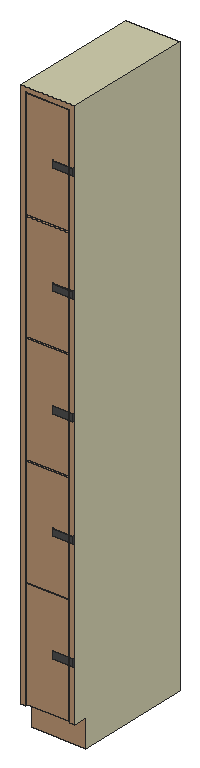
Revit family "Cabinet_Wenger_UltraStor_20", category Furniture, Revit 2015
Parameters (values of type "Narrow UltraStor Cabinet #20 - Comp Wood Doors")
  URL = "https://www.wengercorp.com/"
  Type Comments = ""
  Specification = "http://www.arcat.com/sdspecs/htm04/12_35_83wen.htm"
  Shelf Thickness = 0' - 1 1/8"
  Sales Information = "https://www.wengercorp.com/contact-us.php"
  Revision = "R1_2018-04"
  Rear Panel Thickness = 0' - 0 3/4"
  Product Data = "http://www.arcat.com/arcatcos/cos36/arc36487.html"
  Manufacturer Website = "https://www.wengercorp.com/"
  Manufacturer Phone - Toll Free = "800-4WENGER"
  Manufacturer Phone = "(507) 455-4100"
  Manufacturer Fax = "(507) 455-4258"
  Manufacturer Address = "555 Park Dr., Owatonna, MN 55060"
  Keynote = "12 35 83"
  HasDoors = yes
  Green Building-LEED = "http://www.arcat.com/green/clients/leed_data_36487.html"
  Drawn By = "Sumex Design, Inc. / Robert S. Weygant, CSI, CDT, SCIP"
  Door Width = (Cabinet Width - 0' 1 1/2")  # 0' - 6 1/2"
  Door Style = Door_Base : Solid Door
  Door Material [instance] = Wenger Cherry (Use Cherry Edge Band Only)
  Toe Kick Material [instance] = Wenger Cherry (Use Cherry Edge Band Only)
  RH End Panel [instance] = no
  Model = "#20N"
  Manufacturer = "Wenger Corporation"
  LH End Panel [instance] = no
  End Panel Material [instance] = Wenger Cherry (Use Cherry Edge Band Only)
  Edge Banding Material [instance] = Wenger Cherry (Use Cherry Edge Band Only)
  Door Height = (Cabinet Height - 0' 4 3/4") / 5  # 1' - 4.175"
  Cost = 0
  Copyright = "© 2018 Arcat Inc."
  Construction Details = "http://www.arcat.com/details/wengerco/wengerco.html?coid=36487"
  Body Material [instance] = Wenger - Oyster
  Description = "Wenger Narrow Cabinet #20 - Comp Wood Doors"
  Cabinet Width = 0' - 8"
  Cabinet Height = 7' - 1 5/8"
  Installed Depth = 1' - 7 1/4"
  Cabinet Panel Thickness = 0' - 0 3/4"
  Assembly Code = "E2010200"
Types (14): name | Rear Panel Thickness | HasDoors | Door Width | Door Style | Door Material | Model | Description | Cabinet Width | Installed Depth
  Acoustic Cabinet #20 - No Doors | 0' - 3 1/4" | no | 0' - 8 1/2" | Door_Base : Solid Door | none | "#20A" | "Wenger Acoustic Cabinet #20 - No Doors" | 0' - 10" | 1' - 9 3/4"
  Narrow Acoustic Cabinet #20 - No Doors | 0' - 3 1/4" | no | 0' - 6 1/2" | Door_Base : Solid Door | none | "#20NA" | "Wenger Narrow Acoustic Cabinet #20 - No Doors" | 0' - 8" | 1' - 9 3/4"
  Narrow Acoustic Cabinet #20 - Comp Waterfall Grille Doors | 0' - 3 1/4" | yes | 0' - 6 1/2" | Door_Base : Waterfall | Painted Black | "#20NA" | "Wenger Narrow Acoustic Cabinet #20 - Comp Waterfall Grille Doors" | 0' - 8" | 1' - 9 3/4"
  Narrow Acoustic Cabinet #20 - Comp Grille Doors | 0' - 3 1/4" | yes | 0' - 6 1/2" | Door_Base : Bars | Painted Black | "#20NA" | "Wenger Narrow Acoustic Cabinet #20 - Comp Grille Doors" | 0' - 8" | 1' - 9 3/4"
  Acoustic Cabinet #20 - Comp Waterfall Grille Doors | 0' - 3 1/4" | yes | 0' - 8 1/2" | Door_Base : Waterfall | Painted Black | "#20A" | "Wenger Acoustic Cabinet #20 - Comp Waterfall Grille Doors" | 0' - 10" | 1' - 9 3/4"
  Acoustic Cabinet #20 - Comp Grille Doors | 0' - 3 1/4" | yes | 0' - 8 1/2" | Door_Base : Bars | Painted Black | "#20A" | "Wenger Acoustic Cabinet #20 - Comp Grille Doors" | 0' - 10" | 1' - 9 3/4"
  UltraStor Cabinet #20 - Comp Grille Doors | 0' - 0 3/4" | yes | 0' - 8 1/2" | Door_Base : Bars | Painted Black | "#20" | "Wenger UltraStor Cabinet #20 - Comp Grille Doors" | 0' - 10" | 1' - 7 1/4"
  Narrow UltraStor Cabinet #20 - Comp Waterfall Grille Doors | 0' - 0 3/4" | yes | 0' - 6 1/2" | Door_Base : Waterfall | Painted Black | "#20N" | "Wenger Narrow Cabinet #20 - Comp Waterfall Grille Doors" | 0' - 8" | 1' - 7 1/4"
  Narrow UltraStor Cabinet #20 - Comp Grille Doors | 0' - 0 3/4" | yes | 0' - 6 1/2" | Door_Base : Bars | Painted Black | "#20N" | "Wenger Narrow Cabinet #20 - Comp Grille Doors" | 0' - 8" | 1' - 7 1/4"
  UltraStor Cabinet #20 - Comp Waterfall Grille Doors | 0' - 0 3/4" | yes | 0' - 8 1/2" | Door_Base : Waterfall | Painted Black | "#20" | "Wenger UltraStor Cabinet #20 - Comp Waterfall Grille Doors" | 0' - 10" | 1' - 7 1/4"
  UltraStor Cabinet #20 - No Doors | 0' - 0 3/4" | no | 0' - 8 1/2" | Door_Base : Solid Door | none | "#20" | "Wenger UltraStor Cabinet #20 - No Doors" | 0' - 10" | 1' - 7 1/4"
  Narrow UltraStor Cabinet #20 - Comp Wood Doors | 0' - 0 3/4" | yes | 0' - 6 1/2" | Door_Base : Solid Door | Wenger Cherry (Use Cherry Edge Band Only) | "#20N" | "Wenger Narrow Cabinet #20 - Comp Wood Doors" | 0' - 8" | 1' - 7 1/4"
  Narrow UltraStor Cabinet #20 - No Doors | 0' - 0 3/4" | no | 0' - 6 1/2" | Door_Base : Solid Door | none | "#20N" | "Wenger Narrow Cabinet #20 - No Doors" | 0' - 8" | 1' - 7 1/4"
  UltraStor Cabinet #20 - Comp Wood Doors | 0' - 0 3/4" | yes | 0' - 8 1/2" | Door_Base : Solid Door | Wenger Cherry (Use Cherry Edge Band Only) | "#20" | "Wenger UltraStor Cabinet #20 - Comp Wood Doors" | 0' - 10" | 1' - 7 1/4"
Reference planes (in)
  plane 1 "Front": y = 0
  plane 2: z = 0
  plane 3 "Left": x = 0
  plane 4 "Right": x = 8
  plane 5 "Back": y = 19.25
  plane 6 "Top": z = 85.625
  plane 7: z = 4
  plane 8: z = 20.175
  plane 9: z = 36.35
  plane 10: z = 52.525
  plane 11: z = 68.7
  plane 12: x = 0.75
  plane 13: x = 7.25
  plane 14: z = 84.875
  plane 15: x = 4
  plane 16: y = 18.5
  plane 17: y = 2
  plane 18: y = 0.75
  plane 19: z = 21.3
  plane 20: z = 37.475
  plane 21: z = 53.65
  plane 22: z = 69.825
  plane 23: z = 5.125
Forms (in)
  Extrusion 1, solid, material "Wenger - Oyster" <- "Body Material"
    sketch origin (0, 0, 0) x (0, 1, 0) y (0, 0, 1)
      loop
        line (0, 85.625) -> (0, 4) -> (2, 4) -> (2, 0) -> (19.25, 0) -> (19.25, 85.625) -> (0, 85.625)
    from 0 to 8
  Extrusion 2, void
    sketch origin (0, 0, 0) x (0, 1, 0) y (0, 0, 1)
      loop
        line (-5.5, 84.875) -> (-5.5, 4) -> (0.75, 4)
        arc (0.75, 4) -> (1.15915, 4.80234) -> (2, 5.125) r 1.25694
        line (2, 5.125) -> (18.5, 5.125) -> (18.5, 20.175) -> (0.75, 20.175)
        arc (0.75, 20.175) -> (1.18296, 20.95088) -> (2, 21.3) r 1.375
        line (2, 21.3) -> (18.5, 21.3) -> (18.5, 36.35) -> (0.75, 36.35)
        arc (0.75, 36.35) -> (1.18296, 37.12588) -> (2, 37.475) r 1.375
        line (2, 37.475) -> (18.5, 37.475) -> (18.5, 52.525) -> (0.75, 52.525)
        arc (0.75, 52.525) -> (1.18296, 53.30088) -> (2, 53.65) r 1.375
        line (2, 53.65) -> (18.5, 53.65) -> (18.5, 68.7) -> (0.75, 68.7)
        arc (0.75, 68.7) -> (1.18296, 69.47588) -> (2, 69.825) r 1.375
        line (2, 69.825) -> (18.5, 69.825) -> (18.5, 84.875) -> (-5.5, 84.875)
    from 0.75 to 7.25
  Extrusion 3, void
    sketch origin (0, 0, 0) x (0, 1, 0) y (0, 0, 1)
      loop
        line (0, 84.875) -> (0, 4) -> (0.0625, 4) -> (0.0625, 84.875) -> (0, 84.875)
    from 0.75 to 7.25
Cuts and joins
  Extrusion 2, Extrusion 3 cuts Extrusion 1
Lines and regions (in)
  Masking region 1
    outline origin (0, 0, 0) x (1, 0, 0) y (0, 1, 0)
      loop
        line (0, 19.25) -> (0, 0) -> (8, 0) -> (8, 19.25) -> (0, 19.25)
Dimensions and locks (in)
  "Cabinet Panel Thickness": plane 3 "Left" to plane 12
  "Cabinet Panel Thickness": plane 13 to plane 4 "Right"
  "Cabinet Panel Thickness": plane 5 "Back" to plane 16
  locked: plane 1 "Front" to plane 18 at 0.75
  locked: plane 1 "Front" to plane 17 at 2
  "Shelf Thickness": plane 19 to plane 8
  "Shelf Thickness": plane 20 to plane 9
  "Shelf Thickness": plane 21 to plane 10
  "Shelf Thickness": plane 22 to plane 11
  "Cabinet Panel Thickness": plane 6 "Top" to plane 14
  equal spacing: plane 14, plane 11, plane 10, plane 9, plane 8, plane 7
  "Shelf Thickness": plane 23 to plane 7
  "Cabinet Width": plane 3 "Left" to plane 4 "Right"
  locked: plane 7 to level at 4
  "Cabinet Height": plane 6 "Top" to level
  "Installed Depth": plane 1 "Front" to plane 5 "Back"
  plane 3 "Left" to plane 4 "Right" = 0' - 8"
  equal spacing: plane 5 "Back", nested 2, plane 1 "Front"
  equal spacing: plane 12, plane 15, plane 13
  aligned and locked: Extrusion 1 sketch curve to plane 6 "Top"
  aligned and locked: Extrusion 1 sketch curve to plane 5 "Back"
  aligned and locked: Extrusion 1 sketch curve to plane 1 "Front"
  aligned and locked: Extrusion 1 sketch curve to plane 7
  aligned and locked: Extrusion 1 sketch curve to plane 17
  aligned and locked: Extrusion 1 sketch curve to level
  aligned and locked: Extrusion 1 to plane 4 "Right"
  aligned and locked: Extrusion 1 to plane 3 "Left"
  aligned and locked: Extrusion 2 sketch curve to plane 14
  aligned and locked: Extrusion 2 sketch curve to plane 16
  aligned and locked: Extrusion 2 sketch curve to plane 11
  aligned and locked: Extrusion 2 sketch curve to plane 21
  aligned and locked: Extrusion 2 sketch curve to plane 10
  aligned and locked: Extrusion 2 sketch curve to plane 20
  aligned and locked: Extrusion 2 sketch curve to plane 9
  aligned and locked: Extrusion 2 sketch curve to plane 19
  aligned and locked: Extrusion 2 sketch curve to plane 8
  aligned and locked: Extrusion 2 sketch curve to plane 23
  aligned and locked: Extrusion 2 sketch curve to plane 22
  aligned and locked: Extrusion 2 to plane 12
  aligned and locked: Extrusion 3 sketch curve to cut or joined group of Extrusion 1, Extrusion 2, Extrusion 3  (x3)
  aligned and locked: Extrusion 3 to plane 13
  aligned and locked: Extrusion 3 to plane 12
  aligned and locked: nested 3 to plane 12
  aligned and locked: nested 3 to plane 11
  aligned and locked: plane 14 to nested 3
  aligned and locked: plane 11 to cut or joined group of Extrusion 1, Extrusion 2, Extrusion 3
  aligned and locked: plane 11 to nested 4
  aligned and locked: nested 4 to plane 10
  aligned and locked: plane 10 to nested 5
  aligned and locked: nested 5 to plane 9
  aligned and locked: plane 9 to nested 6
  aligned and locked: nested 6 to plane 8
  aligned and locked: plane 8 to nested 7
  aligned and locked: nested 4 to plane 12
  aligned and locked: nested 5 to plane 12
  aligned and locked: nested 6 to plane 12
  aligned and locked: nested 7 to plane 12
  aligned and locked: plane 7 to cut or joined group of Extrusion 1, Extrusion 2, Extrusion 3
  aligned and locked: nested 7 to plane 7
  aligned and locked: plane 18 to Extrusion 2 sketch curve
  aligned and locked: plane 1 "Front" to nested 8
  aligned and locked: nested 8 to level
  aligned and locked: nested 8 to plane 4 "Right"
  aligned and locked: Masking region 1 sketch curve to plane 5 "Back"
  aligned and locked: Masking region 1 sketch curve to plane 1 "Front"
  aligned and locked: plane 3 "Left" to Masking region 1 sketch curve
  aligned and locked: plane 4 "Right" to Masking region 1 sketch curve
  aligned and locked: cut or joined group of Extrusion 1, Extrusion 2, Extrusion 3 to plane 13
  aligned and locked: plane 15 to nested 2
Automatic sketch dimensions
  plane 18 to Extrusion 3 sketch curve = 0' - 0 11/16"
  Extrusion 2 sketch curve to plane 7 = 0' - 0"
  Extrusion 2 sketch curve to plane 18 = 0' - 0"  (x4)
  Extrusion 2 sketch curve to plane 17 = 0' - 0"  (x5)
  Extrusion 2 sketch curve to plane 16 = 0' - 0"  (x4)
  plane 1 "Front" to Extrusion 2 sketch curve = 0' - 5 1/2"
  Extrusion 2 sketch curve to plane 17 = 0' - 0.10279"  (x4)
Nested families (in)
  nested 1: "End Panel" at (0, 4.25, 0) x (0, -1, 0) z (0, 0, 1), End Panel Material <- "End Panel Material", visible <- "LH End Panel", Edge Banding Material <- "Edge Banding Material", type "End Panel"
    with End Panel Material Wenger Cherry (Use Cherry Edge Band Only), Edge Banding Material Wenger Cherry (Use Cherry Edge Band Only), End Panel Depth 1' - 7 1/4"
  nested 2: "Labels" at (4, 9.625, 0), type "Labels"
  nested 3: "Door_Base" at (4, 0, 68.7) x (1, 0, 0) z (0, -1, 0), type <- "Door Style", Height <- "Door Height", Width <- "Door Width", visible <- "HasDoors", type "Solid Door", detail levels medium+fine
    with vBars 5, Width 0' - 6 1/2", ToeKick Height 0' - 4", MidBar no, Height 1' - 4.175", BarHt 1' - 3.675", 2HzBars no
  nested 4: "Door_Base" at (4, 0, 52.525) x (1, 0, 0) z (0, -1, 0), type <- "Door Style", Height <- "Door Height", Width <- "Door Width", visible <- "HasDoors", type "Solid Door", detail levels medium+fine
    with vBars 5, Width 0' - 6 1/2", ToeKick Height 0' - 4", MidBar no, Height 1' - 4.175", BarHt 1' - 3.675", 2HzBars no
  nested 5: "Door_Base" at (4, 0, 36.35) x (1, 0, 0) z (0, -1, 0), type <- "Door Style", Height <- "Door Height", Width <- "Door Width", visible <- "HasDoors", type "Solid Door", detail levels medium+fine
    with vBars 5, Width 0' - 6 1/2", ToeKick Height 0' - 4", MidBar no, Height 1' - 4.175", BarHt 1' - 3.675", 2HzBars no
  nested 6: "Door_Base" at (4, 0, 20.175) x (1, 0, 0) z (0, -1, 0), type <- "Door Style", Height <- "Door Height", Width <- "Door Width", visible <- "HasDoors", type "Solid Door", detail levels medium+fine
    with vBars 5, Width 0' - 6 1/2", ToeKick Height 0' - 4", MidBar no, Height 1' - 4.175", BarHt 1' - 3.675", 2HzBars no
  nested 7: "Door_Base" at (4, 0, 4) x (1, 0, 0) z (0, -1, 0), type <- "Door Style", Height <- "Door Height", Width <- "Door Width", visible <- "HasDoors", type "Solid Door", detail levels medium+fine
    with vBars 5, Width 0' - 6 1/2", ToeKick Height 0' - 4", MidBar no, Height 1' - 4.175", BarHt 1' - 3.675", 2HzBars no
  nested 8: "End Panel" at (8.75, 4.25, 0) x (0, -1, 0) z (0, 0, 1), End Panel Material <- "End Panel Material", Edge Banding Material <- "Edge Banding Material", visible <- "RH End Panel", type "End Panel"
    with End Panel Material Wenger Cherry (Use Cherry Edge Band Only), Edge Banding Material Wenger Cherry (Use Cherry Edge Band Only), End Panel Depth 1' - 7 1/4"
Definition of nested family "End Panel"
  Parameters (values of type "End Panel")
    End Panel Material [instance] = none
    End Panel Height = 7' - 1 5/8"
    End Panel Depth = 1' - 9 3/4"
    Edge Banding Material [instance] = none
    Default Elevation = 4' - 0"
    Assembly Code = ""
  Reference planes (in)
    plane 1 "Center (Front/Back)": y = 0
    plane 2: z = 0
    plane 3 "Center (Left/Right)": x = 0
    plane 4: x = -15
    plane 5: x = 6.75
    plane 6: z = 4
    plane 7: x = 4.75
    plane 8: z = 85.625
    plane 9: y = -0.75
  Forms (in)
    Extrusion 1, solid, material <- "End Panel Material"
      sketch origin (0, 0, 0) x (1, 0, 0) y (0, 0, 1)
        loop
          line (-15, 85.625) -> (-15, 0) -> (4.75, 0) -> (4.75, 4) -> (6.75, 4) -> (6.75, 85.625) -> (-15, 85.625)
      from 0 to 0.75
  Lines and regions (in)
    Masking region 1, detail levels coarse+medium
      outline origin (0, 0, 0) x (1, 0, 0) y (0, 1, 0)
        loop
          line (-15, 0) -> (-15, -0.75) -> (6.75, -0.75) -> (6.75, 0) -> (-15, 0)
  Dimensions and locks (in)
    locked: plane 7 to plane 5 at 2
    locked: plane 6 to level at 4
    "End Panel Height": plane 8 to level
    "End Panel Depth": plane 5 to plane 4
    locked: plane 9 to plane 1 "Center (Front/Back)" at 0.75
    aligned and locked: plane 4 to Extrusion 1 sketch curve
    aligned and locked: level to Extrusion 1 sketch curve
    aligned and locked: plane 7 to Extrusion 1 sketch curve
    aligned and locked: plane 6 to Extrusion 1 sketch curve
    aligned and locked: Extrusion 1 sketch curve to plane 5
    aligned and locked: Extrusion 1 sketch curve to plane 8
    aligned and locked: Extrusion 1 to plane 9
    aligned and locked: Extrusion 1 to plane 1 "Center (Front/Back)"
    aligned and locked: plane 4 to Masking region 1 sketch curve
    aligned and locked: Masking region 1 sketch curve to plane 5
    aligned and locked: plane 1 "Center (Front/Back)" to Masking region 1 sketch curve
    aligned and locked: plane 9 to Masking region 1 sketch curve
Definition of nested family "Door_Base"
  Parameters (values of type "None")
    vBars [instance] = (Width - 0' 2") / 0' 1"  # 6
    Width [instance] = 0' - 8"
    ToeKick Height [instance] = 0' - 4"
    Thickness = 0' - 0 3/4"
    Solid Door = no
    Shelf Thickness = 0' - 0 3/4"
    Panel Thickness = 0' - 0 3/4"
    MidBar [instance] = and(Height < 1' 6", HasDoor, not(Solid Door))  # no
    Height [instance] = 1' - 2 5/8"
    HasDoor = no
    Edge Banding = none
    DoorGap = 0' - 0 1/8"
    Door Finish = none
    Depth = 2' - 0"
    Default Elevation = 4' - 0"
    Bars = no
    BarStyle = Bars : Waterfall
    BarHt [instance] = Height - 0' 0 1/2"  # 1' - 2 1/8"
    2HzBars [instance] = and(Height > 1' 6", not(Solid Door))  # no
  Types (4): name | Thickness | Solid Door | MidBar | HasDoor | Bars | BarStyle
    Solid Door | 0' - 0 3/4" | yes | no | yes | no | Bars : Waterfall
    Bars | 0' - 0 1/4" | no | yes | yes | yes | Bars : Straight
    Waterfall | 0' - 0 3/4" | no | yes | yes | yes | Bars : Waterfall
    None | 0' - 0 3/4" | no | no | no | no | Bars : Waterfall
  Reference planes (in)
    plane 1 "Center (Front/Back)": y = 0
    plane 2: z = 0
    plane 3 "Center (Left/Right)": x = 0
    plane 4: x = -4
    plane 5: y = 14.625
    plane 6: x = 4
    plane 7: z = -0.75
    plane 8: x = -3.875
    plane 9: x = 3.875
    plane 10: y = 0.125
    plane 11: y = 14.5
    plane 12: y = -0.75
    plane 13 "CL Elev": y = 7.3125
    plane 14: x = -3.75
    plane 15: x = 3.75
    plane 16 "BtmRail": y = 0.25
    plane 17: y = 14.375
    plane 18: z = -0.125
    plane 19: x = -2.75
    plane 20: x = 2.75
    plane 21: y = 9.66667
    plane 22: y = 4.95833
  Forms (in)
    Extrusion 1, solid, material <- "Door Finish", visible <- "Solid Door", detail levels medium+fine
      sketch origin (0, 0, 0) x (1, 0, 0) y (0, 1, 0)
        loop
          arc (-3.75, 14.5) -> (-3.83839, 14.46339) -> (-3.875, 14.375) r 0.125
          line (-3.875, 14.375) -> (-3.875, 0.25)
          arc (-3.875, 0.25) -> (-3.83839, 0.16161) -> (-3.75, 0.125) r 0.125
          line (-3.75, 0.125) -> (3.75, 0.125)
          arc (3.75, 0.125) -> (3.83839, 0.16161) -> (3.875, 0.25) r 0.125
          line (3.875, 0.25) -> (3.875, 14.375)
          arc (3.875, 14.375) -> (3.83839, 14.46339) -> (3.75, 14.5) r 0.125
          line (3.75, 14.5) -> (-3.75, 14.5)
      from 0 to -0.75
    Sweep 2, solid, material <- "Door Finish", visible <- "Bars", detail levels medium+fine
      path origin (0, 0, 0) x (1, 0, 0) y (0, 1, 0)
        loop
          arc (-3.125, 14.5) -> (-3.65533, 14.28033) -> (-3.875, 13.75) r 0.75
          line (-3.875, 13.75) -> (-3.875, 0.875)
          arc (-3.875, 0.875) -> (-3.65533, 0.34467) -> (-3.125, 0.125) r 0.75
          line (-3.125, 0.125) -> (3.125, 0.125)
          arc (3.125, 0.125) -> (3.65533, 0.34467) -> (3.875, 0.875) r 0.75
          line (3.875, 0.875) -> (3.875, 13.75)
          arc (3.875, 13.75) -> (3.65533, 14.28033) -> (3.125, 14.5) r 0.75
          line (3.125, 14.5) -> (-3.125, 14.5)
      profile origin (0, 14.5, 0) x (0, 1, 0) y (0, 0, 1)
        loop
          circle (-0.125, -0.125) r 0.125
    Extrusion 3, solid, material <- "Door Finish", visible <- "MidBar", detail levels medium+fine
      sketch origin (0, 0, 0) x (0, 1, 0) y (0, 0, 1)
        loop
          circle (7.3125, -0.125) r 0.125
      from -3.75 to 3.75
    Extrusion 4, solid, visible <- "HasDoor", detail levels fine
      sketch origin (0, 0, 0) x (1, 0, 0) y (0, 1, 0)
        loop
          line (1.5, 7.8125) -> (1.5, 6.8125) -> (4.5, 6.8125) -> (4.5, 7.8125) -> (1.5, 7.8125)
      from 0 to 0.125
    Extrusion 5, solid, material <- "Door Finish", visible <- "2HzBars", detail levels medium+fine
      sketch origin (0, 0, 0) x (0, 1, 0) y (0, 0, 1)
        loop
          circle (9.66667, -0.125) r 0.125
        loop
          circle (4.95833, -0.125) r 0.125
      from -3.75 to 3.75
  Lines and regions (in)
    symbolic lines, visible <- "HasDoor", detail levels medium+fine
      curve 1: line (4, 0.25, 0) -> (-4, 0.25, 0)
      curve 2: line (-4, 0.25, 0) -> (-4, 0.25, 8)
      curve 3: arc (4, 0.25, 0) -> (1.65685, 0.25, 5.65685) -> (-4, 0.25, 8) r 8
    symbolic lines, visible <- "HasDoor"
      curve 4: line (3.875, 0.25, 0) -> (3.875, 0.25, -0.75)
      curve 5: line (3.875, 0.25, -0.75) -> (-3.875, 0.25, -0.75)
      curve 6: line (-3.875, 0.25, -0.75) -> (-3.875, 0.25, 0)
    symbolic lines, detail levels medium
      curve 7: line (3.875, 14.5, 0) -> (-3.875, 7.3125, 0)
      curve 8: line (-3.875, 7.3125, 0) -> (3.875, 0.125, 0)
  Dimensions and locks (in)
    "Height": plane 1 "Center (Front/Back)" to plane 5
    "Thickness": level to plane 7
    equal spacing: plane 4, plane 3 "Center (Left/Right)", plane 6
    "Width": plane 4 to plane 6
    "DoorGap": plane 5 to plane 11
    "DoorGap": plane 9 to plane 6
    "DoorGap": plane 4 to plane 8
    "DoorGap": plane 1 "Center (Front/Back)" to plane 10
    "Shelf Thickness": plane 1 "Center (Front/Back)" to plane 12
    equal spacing: plane 1 "Center (Front/Back)", plane 13 "CL Elev", plane 5
    locked: plane 15 to plane 9 at 0.125
    locked: plane 8 to plane 14 at 0.125
    locked: plane 11 to plane 17 at 0.125
    locked: plane 16 "BtmRail" to plane 10 at 0.125
    locked: level to plane 18 at 0.125
    plane 19 to plane 14 = 0' - 1"
    locked: plane 15 to plane 20 at 1
    Extrusion 4 sketch curve to plane 13 "CL Elev" to Extrusion 4 sketch curve = 0' - 0 1/2" locked, 0' - 0 1/2" locked
    locked: plane 6 to Extrusion 4 sketch curve at 0.5
    locked: Extrusion 4 sketch curve to plane 6 at 2.5
    locked: Extrusion 4 to level at 0.125
    equal spacing: group 1, group 3, group 4, group 5, group 6, group 2  (x3)
    equal spacing: plane 17, plane 21, plane 22, plane 16 "BtmRail"
    "Width": radius of curve 3
    aligned and locked: plane 2 to level
    aligned and locked: Extrusion 1 sketch curve to plane 11
    aligned and locked: plane 8 to Extrusion 1 sketch curve
    aligned and locked: Extrusion 1 sketch curve to plane 9
    aligned and locked: plane 10 to Extrusion 1 sketch curve
    aligned and locked: Extrusion 1 to plane 7
    aligned and locked: level to Extrusion 1
    aligned and locked: Sweep 2 sketch curve to plane 11
    aligned and locked: plane 8 to Sweep 2 sketch curve
    aligned and locked: plane 10 to Sweep 2 sketch curve
    aligned and locked: Sweep 2 sketch curve to plane 9
    aligned and locked: plane 15 to Extrusion 3
    aligned and locked: Extrusion 3 to plane 14
    aligned and locked: plane 20 to nested 2
    aligned and locked: plane 19 to nested 1
    aligned and locked: plane 21 to Extrusion 5 sketch curve
    aligned and locked: plane 18 to Extrusion 5 sketch curve  (x2)
    aligned and locked: plane 22 to Extrusion 5 sketch curve
    aligned and locked: Extrusion 5 to Extrusion 3  (x2)
    aligned and locked: plane 4 to curve 3  (x2)
    aligned and locked: level to curve 3
    aligned and locked: plane 7 to curve 5
    aligned and locked: Extrusion 1 to plane 8
    aligned and locked: plane 9 to Extrusion 1
    aligned and locked: plane 10 to curve 8
    aligned and locked: plane 9 to curve 8
    aligned and locked: plane 13 "CL Elev" to curve 8
    aligned and locked: plane 11 to curve 7
    aligned and locked: plane 9 to curve 7
  Automatic sketch dimensions
    plane 8 to Sweep 2 sketch curve = 0' - 0 3/4"  (x2)
    Sweep 2 sketch curve to plane 9 = 0' - 0 3/4"
    Sweep 2 sketch curve to Sweep 2 sketch curve = 0' - 0 3/4"
    Sweep 2 sketch curve to level = 0' - 0 1/8"
    profile plane to Sweep 2 sketch curve = 0' - 0 1/8"
    Extrusion 3 sketch curve to level = 0' - 0 1/8"
    Extrusion 3 sketch curve to plane 13 "CL Elev" = 0' - 0"
    curve 8 to plane 8 = 0' - 0"
    Extrusion 1 sketch curve to plane 14 = 0' - 0"  (x2)
    Extrusion 1 sketch curve to plane 15 = 0' - 0"  (x2)
    curve 5 to plane 9 = 0' - 0"
    curve 6 to plane 8 = 0' - 0"
    radius of Sweep 2 sketch curve = 0' - 0 1/8"
    radius of Extrusion 3 sketch curve = 0' - 0 1/8"
    radius of Extrusion 5 sketch curve = 0' - 0 1/8"  (x2)
  Nested families (in)
    nested 1: "Bars" at (-2.75, 0.25, -0.125) x (1, 0, 0) z (0, 1, 0), type <- "BarStyle", visible <- "Bars", type "Waterfall", detail levels fine
      with Lateral Deviation 0' - 1", Height 1' - 2 1/8"
    nested 2: "Bars" at (2.75, 0.25, -0.125) x (1, 0, 0) z (0, 1, 0), type <- "BarStyle", visible <- "Bars", type "Waterfall", detail levels fine
      with Lateral Deviation 0' - 1", Height 1' - 2 1/8"
    nested 3: "Bars" at (-1.65, 0.25, -0.125) x (1, 0, 0) z (0, 1, 0), type <- "BarStyle", visible <- "Bars", type "Waterfall", detail levels fine
      with Lateral Deviation 0' - 1", Height 1' - 2 1/8"
    nested 4: "Bars" at (-0.55, 0.25, -0.125) x (1, 0, 0) z (0, 1, 0), type <- "BarStyle", visible <- "Bars", type "Waterfall", detail levels fine
      with Lateral Deviation 0' - 1", Height 1' - 2 1/8"
    nested 5: "Bars" at (0.55, 0.25, -0.125) x (1, 0, 0) z (0, 1, 0), type <- "BarStyle", visible <- "Bars", type "Waterfall", detail levels fine
      with Lateral Deviation 0' - 1", Height 1' - 2 1/8"
    nested 6: "Bars" at (1.65, 0.25, -0.125) x (1, 0, 0) z (0, 1, 0), type <- "BarStyle", visible <- "Bars", type "Waterfall", detail levels fine
      with Lateral Deviation 0' - 1", Height 1' - 2 1/8"
  Definition of nested family "Bars"
    Parameters (values of type "Straight")
      WaterFall = no
      Straight = yes
      Lateral Deviation = 0' - 1 1/2"
      Height = 1' - 2 5/8"
      Default Elevation = 4' - 0"
      Bars = none
    Types (3): name | WaterFall | Straight
      (no name) | no | yes
      Waterfall | yes | no
      Straight | no | yes
    Reference planes (in)
      plane 1 "Center (Front/Back)": y = 0
      plane 2: z = 0
      plane 3 "Center (Left/Right)": x = 0
      plane 4: z = 14.625
      plane 5: z = 7.3125
      plane 6: x = 0.75
      plane 7: x = -0.75
      plane 8: z = 10.96875
      plane 9: z = 3.65625
    Forms (in)
      Sweep 1, solid, material <- "Bars", visible <- "WaterFall"
        path origin (0, 0, 0) x (1, 0, 0) y (0, 0, 1)
          loop
            arc (0, 0) -> (0.56057, 1.79006) -> (0.75, 3.65625) r 9.28711
            arc (0.75, 3.65625) -> (0.56057, 5.52244) -> (0, 7.3125) r 9.28711
        profile origin (0.56057, 0, 1.79006) x (-0.979603, 0, 0.200944) y (0, -1, 0)
          loop
            circle (0, 0) r 0.0625
      Sweep 2, solid, material <- "Bars", visible <- "WaterFall"
        path origin (0, 0, 14.625) x (-1, 0, 0) y (0, 0, -1)
          loop
            arc (0, 0) -> (0.56057, 1.79006) -> (0.75, 3.65625) r 9.28711
            arc (0.75, 3.65625) -> (0.56057, 5.52244) -> (0, 7.3125) r 9.28711
        profile origin (-0.56057, 0, 12.83494) x (0.979603, 0, -0.200944) y (0, -1, 0)
          loop
            circle (0, 0) r 0.0625
      Extrusion 3, solid, material <- "Bars", visible <- "Straight"
        sketch origin (0, 0, 0) x (1, 0, 0) y (0, 1, 0)
          loop
            circle (0, 0) r 0.0625
        from 0 to 14.625
    Dimensions and locks (in)
      "Height": plane 4 to level
      equal spacing: plane 6, plane 3 "Center (Left/Right)", plane 7
      "Lateral Deviation": plane 6 to plane 7
      equal spacing: plane 4, plane 8, plane 5, plane 9, level
      aligned and locked: plane 2 to level
      aligned and locked: plane 3 "Center (Left/Right)" to Sweep 1 sketch curve  (x2)
      aligned and locked: level to Sweep 1 sketch curve
      aligned and locked: plane 6 to Sweep 1 sketch curve
      aligned and locked: plane 9 to Sweep 1 sketch curve
      aligned and locked: plane 4 to Sweep 2 sketch curve
      aligned and locked: plane 3 "Center (Left/Right)" to Sweep 2 sketch curve  (x2)
      aligned and locked: plane 8 to Sweep 2 sketch curve
      aligned and locked: plane 7 to Sweep 2 sketch curve
      aligned and locked: plane 5 to Sweep 2 sketch curve
      aligned and locked: plane 4 to Extrusion 3
      aligned and locked: Extrusion 3 to level
    Automatic sketch dimensions
      plane 1 "Center (Front/Back)" to Sweep 1 sketch curve = 0' - 0"
      Sweep 1 sketch curve to profile plane = 0' - 0"
      Sweep 1 sketch curve to Sweep 1 sketch curve = 0' - 0"
      Sweep 2 sketch curve to plane 1 "Center (Front/Back)" = 0' - 0"
      Sweep 2 sketch curve to profile plane = 0' - 0"
      plane 1 "Center (Front/Back)" to Extrusion 3 sketch curve = 0' - 0"
      Extrusion 3 sketch curve to plane 3 "Center (Left/Right)" = 0' - 0"
      radius of Sweep 1 sketch curve = 0' - 0 1/16"
      radius of Sweep 2 sketch curve = 0' - 0 1/16"
      radius of Extrusion 3 sketch curve = 0' - 0 1/16"
Definition of nested family "Labels"
  Parameters
    Cabinet Label = "01"
  Reference planes (in)
    plane 1: y = 0
    plane 2: x = 0
  Text (in)
    label "xxxx" at (-0.00018, 0.00754, 0), shows "Cabinet Label"
